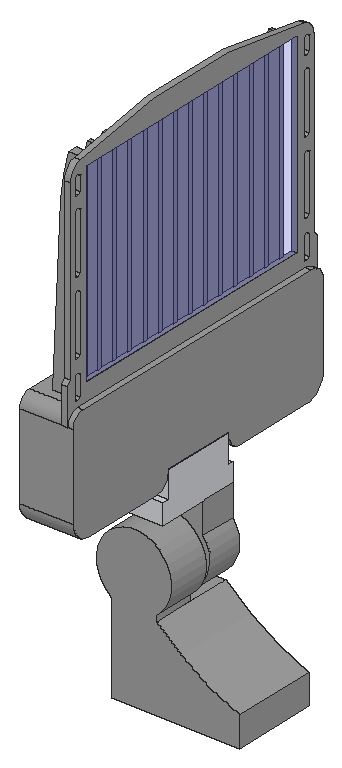
Revit family "Alcon-11430-M-Revit-Family", category Generic Models, host Face, Revit 2025
Family settings
  Host = Face
  Can host rebar = No
  Round Connector Dimension = Use Diameter
  Part Type = Normal
  Cut with Voids When Loaded = No
  Maintain Annotation Orientation = No
  Shared = No
  Room Calculation Point = No
Parameters
  URL = "https://www.alconlighting.com/"
  Product Page = "https://www.alconlighting.com/11403-m.html"
  Model = "11403-M"
  Manufacturer = "Alcon Lighting"
  Housing = Default
  Fixture Rotation = -90.00°
  Default Elevation = 4' - 0"
Reference planes (in)
  plane 1 "Center (Front/Back)": y = 0
  plane 2: z = 0
  plane 3 "Center (Left/Right)": x = 0
Forms (in)
  Extrusion 1, void
    sketch origin (0, 1.78036, 0) x (-1, 0, 0) y (0, 0, -1)
      loop
        line (0.91977, -3.51132) -> (-0.91977, -3.51132) -> (-0.91977, -3.76132)
        arc (-0.91977, -3.76132) -> (0, -6.63158) -> (0.91977, -3.76132) r 1.5825
        line (0.91977, -3.76132) -> (0.91977, -3.51132)
    from -0.01749 to 1.81641
  Extrusion 2, solid, material "Default" <- "Housing"
    sketch origin (0, 0.01855, 0) x (-1, 0, 0) y (0, 0, -1)
      loop
        line (-4.4084, 0) -> (-4.4084, -1.25)
        arc (-4.4084, -1.25) -> (-2.54195, -2.19223) -> (-0.91977, -3.51132) r 9.73386
        line (-0.91977, -3.51132) -> (-0.91977, -3.76132)
        arc (-0.91977, -3.76132) -> (0, -6.63158) -> (0.91977, -3.76132) r 1.5825
        line (0.91977, -3.76132) -> (0.91977, 0) -> (-4.4084, 0)
    from -1.7793 to 1.81641
Cuts and joins
  Extrusion 1 cuts Extrusion 2
Lines and regions (in)
  reference lines
    curve 1: line (9.5, 0, 5.04908) -> (-12.75, 0, 5.04908)
Dimensions and locks (in)
  "Fixture Rotation": angle nested 1 to curve 1
  aligned and locked: plane 2 to host face
  aligned and locked: level to host face
Automatic sketch dimensions
  host sketch curve to host sketch curve = 8' - 0"  (x2)
  level to curve 1 = 0' - 5.04908"
  curve 1 to plane 3 "Center (Left/Right)" = 1' - 0 3/4"
  plane 3 "Center (Left/Right)" to curve 1 = 0' - 9 1/2"
  Extrusion 1 sketch curve to plane 3 "Center (Left/Right)" = 0' - 0"
  plane 3 "Center (Left/Right)" to Extrusion 1 sketch curve = 0' - 0.91977"
  Extrusion 1 sketch curve to plane 3 "Center (Left/Right)" = 0' - 0.91977"
  level to Extrusion 1 sketch curve = 0' - 5.04908"
  Extrusion 1 sketch curve to Extrusion 1 sketch curve = 0' - 1.28776"
  Extrusion 1 sketch curve to Extrusion 1 sketch curve = 0' - 0 1/4"
  Extrusion 2 sketch curve to level = 0' - 0"
  Extrusion 2 sketch curve to plane 3 "Center (Left/Right)" = 0' - 0"
  plane 3 "Center (Left/Right)" to Extrusion 2 sketch curve = 0' - 0.91977"
  plane 3 "Center (Left/Right)" to Extrusion 2 sketch curve = 0' - 4.4084"
  plane 3 "Center (Left/Right)" to Extrusion 2 sketch curve = 0' - 7.83643"
  Extrusion 2 sketch curve to plane 3 "Center (Left/Right)" = 0' - 0.91977"
  Extrusion 2 sketch curve to Extrusion 2 sketch curve = 0' - 1 1/4"
  level to Extrusion 2 sketch curve = 0' - 3.51132"
  Extrusion 2 sketch curve to Extrusion 2 sketch curve = 0' - 0 1/4"
  Extrusion 2 sketch curve to Extrusion 2 sketch curve = 0' - 1.28776"
Nested families (in)
  nested 1: "Alcon-11430-M-Housing-Revit-Family" at (0, -0.00862, 5.04908) x (0, 0, -1) z (0, -1, 0), type "Alcon-11430-M-Housing-Revit-Family"
    with built-in parameter 1001306 0.28157 (stored number, unit not read)
Definition of nested family "Alcon-11430-M-Housing-Revit-Family"
  Parameters (values of type "Alcon-11430-M-Housing-Revit-Family")
    Lens = none
    built-in parameter 1001306 [instance] = 4' - 0"
    Housing = none
    Default Elevation = 0' - 0"
  Reference planes (in)
    plane 1 "Center (Front/Back)": y = 0
    plane 2: z = 0
    plane 3 "Left": x = 0
    plane 4 "Right": x = 48
  Forms (in)
    Extrusion 1, solid, material <- "Housing"
      sketch origin (0, 1.21523, 1.87728) x (0, 0, 1) y (1, 0, 0)
        loop
          arc (4.60888, -4.25193) -> (4.36966, -3.6744) -> (3.79213, -3.43518) r 0.81675
          line (3.79213, -3.43518) -> (0.30348, -3.43518)
          arc (0.30348, -3.43518) -> (-0.12206, -3.61144) -> (-0.29832, -4.03698) r 0.6018
          line (-0.29832, -4.03698) -> (-0.29832, -4.1739) -> (-3.48038, -4.1739) -> (-3.48038, -4.02126)
          arc (-3.48038, -4.02126) -> (-3.65204, -3.60684) -> (-4.06647, -3.43518) r 0.58609
          line (-4.06647, -3.43518) -> (-7.52581, -3.43518)
          arc (-7.52581, -3.43518) -> (-8.13767, -3.68862) -> (-8.39112, -4.30049) r 0.86531
          line (-8.39112, -4.30049) -> (-8.39112, -7.76607)
          arc (-8.39112, -7.76607) -> (-8.22944, -8.1564) -> (-7.83911, -8.31808) r 0.55201
          line (-7.83911, -8.31808) -> (4.0802, -8.31808)
          arc (4.0802, -8.31808) -> (4.45403, -8.16323) -> (4.60888, -7.7894) r 0.52868
          line (4.60888, -7.7894) -> (4.60888, -4.25193)
      from 0 to -2.23062
    Extrusion 2, solid, material <- "Housing"
      sketch origin (0, -0.25, 0) x (0, 0, 1) y (-1, 0, 0)
        loop
          line (-6.51384, 9.30168) -> (-6.51384, 7.76607)
          arc (-6.51384, 7.76607) -> (-6.35216, 8.1564) -> (-5.96183, 8.31808) r 0.55201
          line (-5.96183, 8.31808) -> (5.95748, 8.31808)
          arc (5.95748, 8.31808) -> (6.33132, 8.16323) -> (6.48616, 7.7894) r 0.52868
          line (6.48616, 7.7894) -> (6.48616, 9.2982) -> (6.3059, 9.47846) -> (6.3059, 16.85198)
          arc (6.3059, 16.85198) -> (6.16546, 17.25935) -> (5.80381, 17.49362) r 0.66104
          arc (5.80381, 17.49362) -> (-0.03659, 18.20369) -> (-5.87574, 17.48348) r 24.20128
          arc (-5.87574, 17.48348) -> (-6.20806, 17.26759) -> (-6.33706, 16.89289) r 0.60871
          line (-6.33706, 16.89289) -> (-6.33706, 9.47846) -> (-6.51384, 9.30168)
        loop
          arc (5.80835, 8.64573) -> (5.83559, 8.57997) -> (5.90136, 8.55272) r 0.09301
          line (5.90136, 8.55272) -> (6.01248, 8.55272)
          arc (6.01248, 8.55272) -> (6.07756, 8.57968) -> (6.10452, 8.64476) r 0.09204
          line (6.10452, 8.64476) -> (6.10452, 9.47215)
          arc (6.10452, 9.47215) -> (6.06752, 9.56148) -> (5.97819, 9.59848) r 0.12633
          line (5.97819, 9.59848) -> (5.90899, 9.59848)
          arc (5.90899, 9.59848) -> (5.83783, 9.569) -> (5.80835, 9.49784) r 0.10064
          line (5.80835, 9.49784) -> (5.80835, 8.64573)
        loop
          arc (5.80835, 10.22199) -> (5.83559, 10.15622) -> (5.90136, 10.12898) r 0.09301
          line (5.90136, 10.12898) -> (6.01248, 10.12898)
          arc (6.01248, 10.12898) -> (6.07756, 10.15594) -> (6.10452, 10.22102) r 0.09204
          line (6.10452, 10.22102) -> (6.10452, 12.54841)
          arc (6.10452, 12.54841) -> (6.06752, 12.63774) -> (5.97819, 12.67474) r 0.12633
          line (5.97819, 12.67474) -> (5.90899, 12.67474)
          arc (5.90899, 12.67474) -> (5.83783, 12.64526) -> (5.80835, 12.5741) r 0.10064
          line (5.80835, 12.5741) -> (5.80835, 10.22199)
        loop
          arc (5.80835, 13.26866) -> (5.83559, 13.2029) -> (5.90136, 13.17565) r 0.09301
          line (5.90136, 13.17565) -> (6.01248, 13.17565)
          arc (6.01248, 13.17565) -> (6.07756, 13.20261) -> (6.10452, 13.26769) r 0.09204
          line (6.10452, 13.26769) -> (6.10452, 15.63164)
          arc (6.10452, 15.63164) -> (6.06752, 15.72096) -> (5.97819, 15.75796) r 0.12633
          line (5.97819, 15.75796) -> (5.90899, 15.75796)
          arc (5.90899, 15.75796) -> (5.83783, 15.72849) -> (5.80835, 15.65733) r 0.10064
          line (5.80835, 15.65733) -> (5.80835, 13.26866)
        loop
          arc (5.80835, 16.31267) -> (5.83559, 16.2469) -> (5.90136, 16.21966) r 0.09301
          line (5.90136, 16.21966) -> (6.01248, 16.21966)
          arc (6.01248, 16.21966) -> (6.07756, 16.24661) -> (6.10452, 16.31169) r 0.09204
          line (6.10452, 16.31169) -> (6.10452, 16.88908)
          arc (6.10452, 16.88908) -> (6.06752, 16.97841) -> (5.97819, 17.01541) r 0.12633
          line (5.97819, 17.01541) -> (5.90899, 17.01541)
          arc (5.90899, 17.01541) -> (5.83783, 16.98594) -> (5.80835, 16.91477) r 0.10064
          line (5.80835, 16.91477) -> (5.80835, 16.31267)
        loop
          arc (-6.13201, 8.64573) -> (-6.10477, 8.57997) -> (-6.039, 8.55272) r 0.09301
          line (-6.039, 8.55272) -> (-5.92788, 8.55272)
          arc (-5.92788, 8.55272) -> (-5.8628, 8.57968) -> (-5.83584, 8.64476) r 0.09204
          line (-5.83584, 8.64476) -> (-5.83584, 9.47215)
          arc (-5.83584, 9.47215) -> (-5.87284, 9.56148) -> (-5.96217, 9.59848) r 0.12633
          line (-5.96217, 9.59848) -> (-6.03137, 9.59848)
          arc (-6.03137, 9.59848) -> (-6.10253, 9.569) -> (-6.13201, 9.49784) r 0.10064
          line (-6.13201, 9.49784) -> (-6.13201, 8.64573)
        loop
          arc (-6.13201, 10.22199) -> (-6.10477, 10.15622) -> (-6.039, 10.12898) r 0.09301
          line (-6.039, 10.12898) -> (-5.92788, 10.12898)
          arc (-5.92788, 10.12898) -> (-5.8628, 10.15594) -> (-5.83584, 10.22102) r 0.09204
          line (-5.83584, 10.22102) -> (-5.83584, 12.54841)
          arc (-5.83584, 12.54841) -> (-5.87284, 12.63774) -> (-5.96217, 12.67474) r 0.12633
          line (-5.96217, 12.67474) -> (-6.03137, 12.67474)
          arc (-6.03137, 12.67474) -> (-6.10253, 12.64526) -> (-6.13201, 12.5741) r 0.10064
          line (-6.13201, 12.5741) -> (-6.13201, 10.22199)
        loop
          arc (-6.13201, 13.26866) -> (-6.10477, 13.2029) -> (-6.039, 13.17565) r 0.09301
          line (-6.039, 13.17565) -> (-5.92788, 13.17565)
          arc (-5.92788, 13.17565) -> (-5.8628, 13.20261) -> (-5.83584, 13.26769) r 0.09204
          line (-5.83584, 13.26769) -> (-5.83584, 15.63164)
          arc (-5.83584, 15.63164) -> (-5.87284, 15.72096) -> (-5.96217, 15.75796) r 0.12633
          line (-5.96217, 15.75796) -> (-6.03137, 15.75796)
          arc (-6.03137, 15.75796) -> (-6.10253, 15.72849) -> (-6.13201, 15.65733) r 0.10064
          line (-6.13201, 15.65733) -> (-6.13201, 13.26866)
        loop
          arc (-6.13201, 16.31267) -> (-6.10477, 16.2469) -> (-6.039, 16.21966) r 0.09301
          line (-6.039, 16.21966) -> (-5.92788, 16.21966)
          arc (-5.92788, 16.21966) -> (-5.8628, 16.24661) -> (-5.83584, 16.31169) r 0.09204
          line (-5.83584, 16.31169) -> (-5.83584, 16.88908)
          arc (-5.83584, 16.88908) -> (-5.87284, 16.97841) -> (-5.96217, 17.01541) r 0.12633
          line (-5.96217, 17.01541) -> (-6.03137, 17.01541)
          arc (-6.03137, 17.01541) -> (-6.10253, 16.98594) -> (-6.13201, 16.91477) r 0.10064
          line (-6.13201, 16.91477) -> (-6.13201, 16.31267)
        loop
          line (-5.5509, 17.1665) -> (-5.5509, 9.03342) -> (5.54762, 9.03342) -> (5.54762, 17.1665) -> (-5.5509, 17.1665)
      from -1.21523 to -0.96523
    Extrusion 3, solid, material <- "Housing"
      sketch origin (0, 1.46523, -0.28589) x (-1, 0, 0) y (0, -1, 0)
        loop
          line (8.31808, 0.75) -> (17.43518, 0.75) -> (17.43518, 1.18563)
          arc (17.43518, 1.18563) -> (16.48839, 1.41676) -> (15.52135, 1.53779) r 8.48461
          line (15.52135, 1.53779) -> (8.31808, 1.86999) -> (8.31808, 0.75)
      from -5.26501 to 5.83352
    Extrusion 4, solid, material <- "Lens"
      sketch origin (0, 0.96523, 0) x (0, 0, -1) y (-1, 0, 0)
        loop
          line (-5.54762, 17.1665) -> (-5.54762, 9.03342) -> (5.5509, 9.03342) -> (5.5509, 17.1665) -> (-5.54762, 17.1665)
      from 0 to -0.03698
    Extrusion 5, solid
      sketch origin (-2.16318, -1.01539, -0.28589) x (1, 0, 0) y (0, 0, 1)
        loop
          line (0, 2.09337) -> (-0.83682, 2.09337) -> (-0.83682, 1.77838) -> (-1.95094, 1.77838) -> (-1.95094, -1.27158) -> (-0.7984, -1.27158) -> (-0.7984, -1.52158) -> (0, -1.52158) -> (0, 2.09337)
      from 0 to -2.23047
    Extrusion 6, solid, material <- "Housing"
      sketch origin (0, 1.21523, -0.28589) x (-1, 0, 0) y (0, -1, 0)
        loop
          arc (1.10408, 2.23062) -> (-1.49244, 1.36561) -> (0.87932, 0) r 1.5
          line (0.87932, 0) -> (2.16318, 0) -> (2.16318, 2.23062) -> (1.10408, 2.23062)
      from 0 to -1.52158
    Extrusion 7, void
      sketch origin (0, 0.71523, -0.28589) x (0, 0, -1) y (-1, 0, 0)
        loop
          line (-4.86475, 8.27234) -> (-4.86475, 17.68263)
          arc (-4.86475, 17.68263) -> (-5.14937, 17.62229) -> (-5.43324, 17.55854) r 24.20128
          line (-5.43324, 17.55854) -> (-5.43324, 8.27234) -> (-4.86475, 8.27234)
        loop
          line (-4.08155, 8.27234) -> (-4.08155, 17.83594)
          arc (-4.08155, 17.83594) -> (-4.39646, 17.7798) -> (-4.71061, 17.7195) r 24.20128
          line (-4.71061, 17.7195) -> (-4.71061, 8.27234) -> (-4.08155, 8.27234)
        loop
          line (-3.28541, 8.27234) -> (-3.28541, 17.95532)
          arc (-3.28541, 17.95532) -> (-3.60405, 17.90933) -> (-3.92205, 17.8591) r 24.20128
          line (-3.92205, 17.8591) -> (-3.92205, 8.27234) -> (-3.28541, 8.27234)
        loop
          line (-2.49574, 8.27234) -> (-2.49574, 18.05509)
          arc (-2.49574, 18.05509) -> (-2.81431, 18.01996) -> (-3.13238, 17.98062) r 24.20128
          line (-3.13238, 17.98062) -> (-3.13238, 8.27234) -> (-2.49574, 8.27234)
        loop
          line (-1.70607, 8.27234) -> (-1.70607, 18.11764)
          arc (-1.70607, 18.11764) -> (-2.02457, 18.09275) -> (-2.34271, 18.06365) r 24.20125
          line (-2.34271, 18.06365) -> (-2.34271, 8.27234) -> (-1.70607, 8.27234)
        loop
          line (-0.91641, 8.27234) -> (-0.91641, 18.15925)
          arc (-0.91641, 18.15925) -> (-1.23483, 18.14509) -> (-1.55304, 18.12674) r 24.20124
          line (-1.55304, 18.12674) -> (-1.55304, 8.27234) -> (-0.91641, 8.27234)
        loop
          line (-0.12674, 8.27234) -> (-0.12674, 18.17236)
          arc (-0.12674, 18.17236) -> (-0.44509, 18.16848) -> (-0.76337, 18.16041) r 24.20116
          line (-0.76337, 18.16041) -> (-0.76337, 8.27234) -> (-0.12674, 8.27234)
        loop
          line (0.66293, 8.27234) -> (0.66293, 18.17183)
          arc (0.66293, 18.17183) -> (0.34465, 18.17831) -> (0.0263, 18.1806) r 24.20131
          line (0.0263, 18.1806) -> (0.0263, 8.27234) -> (0.66293, 8.27234)
        loop
          line (1.4526, 8.27234) -> (1.4526, 18.13277)
          arc (1.4526, 18.13277) -> (1.13438, 18.14982) -> (0.81597, 18.16268) r 24.20132
          line (0.81597, 18.16268) -> (0.81597, 8.27234) -> (1.4526, 8.27234)
        loop
          line (2.24227, 8.27234) -> (2.24227, 18.07304)
          arc (2.24227, 18.07304) -> (1.92412, 18.10043) -> (1.60564, 18.12362) r 24.2013
          line (1.60564, 18.12362) -> (1.60564, 8.27234) -> (2.24227, 8.27234)
        loop
          line (3.03194, 8.27234) -> (3.03194, 17.98828)
          arc (3.03194, 17.98828) -> (2.71386, 18.02628) -> (2.39531, 18.06006) r 24.20129
          line (2.39531, 18.06006) -> (2.39531, 8.27234) -> (3.03194, 8.27234)
        loop
          line (3.82161, 8.27234) -> (3.82161, 17.86866)
          arc (3.82161, 17.86866) -> (3.5036, 17.91728) -> (3.18498, 17.96166) r 24.20129
          line (3.18498, 17.96166) -> (3.18498, 8.27234) -> (3.82161, 8.27234)
        loop
          line (4.61128, 8.27234) -> (4.61128, 17.73483)
          arc (4.61128, 17.73483) -> (4.29335, 17.79424) -> (3.97465, 17.84941) r 24.20128
          line (3.97465, 17.84941) -> (3.97465, 8.27234) -> (4.61128, 8.27234)
        loop
          line (5.40095, 8.27234) -> (5.40095, 17.56337)
          arc (5.40095, 17.56337) -> (5.08309, 17.6339) -> (4.76432, 17.70014) r 24.20128
          line (4.76432, 17.70014) -> (4.76432, 8.27234) -> (5.40095, 8.27234)
      from 0 to -1.3553
  Cuts and joins
    Extrusion 7 cuts Extrusion 3
  Lines and regions (in)
    reference lines
      curve 1: line (0, 0, 0) -> (48, 0, 0)
    model lines
      curve 2: line (0, 0, 0) -> (-32.5, 0, 0)
  Dimensions and locks (in)
    "built-in parameter 1001306": plane 3 "Left" to plane 4 "Right"
    aligned and locked: plane 4 "Right" to curve 1
    aligned and locked: plane 1 "Center (Front/Back)" to curve 1
    aligned and locked: plane 3 "Left" to curve 1
    aligned and locked: level to plane 2
  Automatic sketch dimensions
    curve 2 to level = 0' - 0"
    curve 2 to plane 3 "Left" = 0' - 0"
    curve 2 to curve 2 = 2' - 8 1/2"
    Extrusion 1 sketch curve to level = 0' - 6.51384"
    Extrusion 1 sketch curve to Extrusion 1 sketch curve = 0' - 0.55201"
    Extrusion 1 sketch curve to Extrusion 1 sketch curve = 0' - 0.86531"
    Extrusion 1 sketch curve to level = 0' - 2.18919"
    Extrusion 1 sketch curve to Extrusion 1 sketch curve = 0' - 0.58609"
    level to Extrusion 1 sketch curve = 0' - 1.57896"
    Extrusion 1 sketch curve to Extrusion 1 sketch curve = 0' - 0.6018"
    Extrusion 1 sketch curve to Extrusion 1 sketch curve = 0' - 3.48865"
    Extrusion 1 sketch curve to Extrusion 1 sketch curve = 0' - 0.28807"
    Extrusion 1 sketch curve to Extrusion 1 sketch curve = 0' - 0.52868"
    Extrusion 1 sketch curve to plane 3 "Left" = 0' - 8.31808"
    Extrusion 1 sketch curve to Extrusion 1 sketch curve = 0' - 3.46558"
    Extrusion 1 sketch curve to Extrusion 1 sketch curve = 0' - 3.53747"
    Extrusion 1 sketch curve to Extrusion 1 sketch curve = 0' - 0.13692"
    Extrusion 2 sketch curve to level = 0' - 6.51384"
    Extrusion 2 sketch curve to Extrusion 2 sketch curve = 0' - 0.17678"
    Extrusion 2 sketch curve to Extrusion 2 sketch curve = 0' - 0.20505"  (x2)
    Extrusion 2 sketch curve to Extrusion 2 sketch curve = 0' - 0"  (x6)
    Extrusion 2 sketch curve to Extrusion 2 sketch curve = 0' - 0.09301"  (x8)
    Extrusion 2 sketch curve to Extrusion 2 sketch curve = 0' - 0.10064"  (x8)
    Extrusion 2 sketch curve to Extrusion 2 sketch curve = 0' - 0.0692"  (x8)
    Extrusion 2 sketch curve to Extrusion 2 sketch curve = 0' - 0.07717"
    Extrusion 2 sketch curve to Extrusion 2 sketch curve = 0' - 0.11112"  (x8)
    Extrusion 2 sketch curve to Extrusion 2 sketch curve = 0' - 0.09204"  (x6)
    Extrusion 2 sketch curve to Extrusion 2 sketch curve = 0' - 0.12633"  (x2)
    Extrusion 2 sketch curve to Extrusion 2 sketch curve = 0' - 0.1075"
    Extrusion 2 sketch curve to Extrusion 2 sketch curve = 0' - 0.28494"
    Extrusion 2 sketch curve to level = 0' - 0.01558"
    level to Extrusion 2 sketch curve = 0' - 5.54762"
    Extrusion 2 sketch curve to Extrusion 2 sketch curve = 0' - 0.09724"
    Extrusion 2 sketch curve to Extrusion 2 sketch curve = 0' - 0.16349"
    Extrusion 2 sketch curve to Extrusion 2 sketch curve = 0' - 0.26073"  (x2)
    Extrusion 2 sketch curve to Extrusion 2 sketch curve = 0' - 0.05612"
    Extrusion 2 sketch curve to Extrusion 2 sketch curve = 0' - 0.20138"
    Extrusion 2 sketch curve to Extrusion 2 sketch curve = 0' - 0.18026"
    plane 3 "Left" to Extrusion 2 sketch curve = 0' - 5.99758"
    Extrusion 2 sketch curve to plane 3 "Left" = 0' - 7.76607"
    Extrusion 2 sketch curve to plane 3 "Left" = 0' - 7.7894"
    Extrusion 2 sketch curve to Extrusion 2 sketch curve = 0' - 0.52868"
    Extrusion 2 sketch curve to Extrusion 2 sketch curve = 0' - 0.23464"  (x2)
    Extrusion 2 sketch curve to Extrusion 2 sketch curve = 0' - 0.38866"
    Extrusion 2 sketch curve to Extrusion 2 sketch curve = 0' - 0.65344"
    Extrusion 2 sketch curve to Extrusion 2 sketch curve = 0' - 0.65595"
    Extrusion 2 sketch curve to Extrusion 2 sketch curve = 0' - 0.17047"
    Extrusion 2 sketch curve to Extrusion 2 sketch curve = 0' - 0.17395"
    Extrusion 2 sketch curve to Extrusion 2 sketch curve = 0' - 0.00631"
    Extrusion 2 sketch curve to Extrusion 2 sketch curve = 0' - 0.01938"
    Extrusion 2 sketch curve to Extrusion 2 sketch curve = 0' - 0.5305"  (x2)
    Extrusion 2 sketch curve to Extrusion 2 sketch curve = 0' - 2.32739"  (x2)
    Extrusion 2 sketch curve to Extrusion 2 sketch curve = 0' - 0.50092"  (x2)
    Extrusion 2 sketch curve to Extrusion 2 sketch curve = 0' - 2.36395"  (x2)
    Extrusion 2 sketch curve to Extrusion 2 sketch curve = 0' - 0.46169"  (x2)
    Extrusion 2 sketch curve to Extrusion 2 sketch curve = 0' - 0.54029"
    Extrusion 2 sketch curve to Extrusion 2 sketch curve = 0' - 0.57739"
    Extrusion 2 sketch curve to Extrusion 2 sketch curve = 0' - 0.03711"
    Extrusion 2 sketch curve to Extrusion 2 sketch curve = 0' - 0.0038"
    Extrusion 2 sketch curve to Extrusion 2 sketch curve = 0' - 0.31452"
    plane 1 "Center (Front/Back)" to Extrusion 3 sketch curve = 0' - 0.40475"
    Extrusion 3 sketch curve to plane 3 "Left" = 0' - 8.31808"
    Extrusion 3 sketch curve to Extrusion 3 sketch curve = 0' - 6.63485"
    plane 1 "Center (Front/Back)" to Extrusion 3 sketch curve = 0' - 0.07256"
    Extrusion 3 sketch curve to Extrusion 3 sketch curve = 0' - 7.20327"
    Extrusion 3 sketch curve to plane 1 "Center (Front/Back)" = 0' - 0.71523"
    Extrusion 3 sketch curve to Extrusion 3 sketch curve = 0' - 1.91383"
    Extrusion 3 sketch curve to Extrusion 3 sketch curve = 0' - 7.67776"
    Extrusion 2 to Extrusion 4 sketch curve = 0' - 0"
    Extrusion 4 sketch curve to Extrusion 2 = 0' - 0"  (x3)
    Extrusion 5 sketch curve to Extrusion 6 = 0' - 0"  (x2)
    Extrusion 6 to Extrusion 5 sketch curve = 0' - 0 1/4"
    Extrusion 5 sketch curve to Extrusion 6 = 0' - 0.7984"
    Extrusion 5 sketch curve to Extrusion 5 sketch curve = 0' - 0.83682"
    Extrusion 5 sketch curve to Extrusion 5 sketch curve = 0' - 1.15254"
    Extrusion 5 sketch curve to Extrusion 6 = 0' - 1.77838"
    Extrusion 5 sketch curve to Extrusion 5 sketch curve = 0' - 0.31498"
    plane 1 "Center (Front/Back)" to Extrusion 6 sketch curve = 0' - 0"
    Extrusion 6 sketch curve to plane 3 "Left" = 0' - 0"
    Extrusion 6 sketch curve to plane 3 "Left" = 0' - 0.87932"
    Extrusion 6 sketch curve to plane 3 "Left" = 0' - 1.10408"
    Extrusion 6 sketch curve to Extrusion 6 sketch curve = 0' - 1.0591"
    Extrusion 6 sketch curve to plane 1 "Center (Front/Back)" = 0' - 1.21523"
    Extrusion 7 sketch curve to Extrusion 2 = 0' - 0.04574"  (x14)
    Extrusion 7 sketch curve to Extrusion 2 = 0' - 0.40028"
    Extrusion 7 sketch curve to Extrusion 7 sketch curve = 0' - 0.56849"
    Extrusion 7 sketch curve to Extrusion 7 sketch curve = 0' - 0.15415"
    Extrusion 7 sketch curve to Extrusion 7 sketch curve = 0' - 0.62906"
    Extrusion 7 sketch curve to Extrusion 7 sketch curve = 0' - 0.1595"
    Extrusion 7 sketch curve to Extrusion 7 sketch curve = 0' - 0.63663"  (x11)
    Extrusion 7 sketch curve to Extrusion 7 sketch curve = 0' - 0.15304"  (x11)
    Extrusion 7 sketch curve to Extrusion 2 = 0' - 5.26748"
    Extrusion 7 sketch curve to Extrusion 7 sketch curve = 0' - 0.00101"
    Extrusion 7 sketch curve to Extrusion 7 sketch curve = 0' - 0.00072"
    Extrusion 7 sketch curve to Extrusion 7 sketch curve = 0' - 0.00032"
    Extrusion 7 sketch curve to Extrusion 7 sketch curve = 0' - 0.00327"
    Extrusion 7 sketch curve to Extrusion 7 sketch curve = 0' - 0.00593"
    Extrusion 7 sketch curve to Extrusion 7 sketch curve = 0' - 0.00398"
    Extrusion 7 sketch curve to Extrusion 7 sketch curve = 0' - 0.00096"
    Extrusion 7 sketch curve to Extrusion 7 sketch curve = 0' - 0.00179"
    Extrusion 7 sketch curve to Extrusion 7 sketch curve = 0' - 0.00368"
    Extrusion 7 sketch curve to Extrusion 7 sketch curve = 0' - 0.00312"
    Extrusion 7 sketch curve to Extrusion 7 sketch curve = 0' - 0.00045"
    Extrusion 7 sketch curve to Extrusion 7 sketch curve = 0' - 0.00156"
    Extrusion 7 sketch curve to Extrusion 7 sketch curve = 0' - 0.00733"
    Extrusion 2 to Extrusion 7 sketch curve = 0' - 0.13594"
    Extrusion 7 sketch curve to Extrusion 7 sketch curve = 1' - 2.2896"
    Extrusion 7 sketch curve to Extrusion 7 sketch curve = 0' - 0.00015"
    Extrusion 7 sketch curve to Extrusion 7 sketch curve = 0' - 0.00286"
    Extrusion 7 sketch curve to Extrusion 7 sketch curve = 0' - 0.00058"
    Extrusion 7 sketch curve to Extrusion 7 sketch curve = 0' - 0.00183"
    Extrusion 7 sketch curve to Extrusion 7 sketch curve = 0' - 0.00153"
    Extrusion 7 sketch curve to Extrusion 7 sketch curve = 0' - 0.00523"
    Extrusion 7 sketch curve to Extrusion 7 sketch curve = 0' - 0.00169"
    Extrusion 7 sketch curve to Extrusion 7 sketch curve = 0' - 0.00201"
    Extrusion 7 sketch curve to Extrusion 7 sketch curve = 0' - 0.00017"
    Extrusion 7 sketch curve to Extrusion 7 sketch curve = 0' - 0.00051"
    Extrusion 7 sketch curve to Extrusion 7 sketch curve = 0' - 0.0028"
    Extrusion 7 sketch curve to Extrusion 7 sketch curve = 0' - 0.00357"
    Extrusion 7 sketch curve to Extrusion 7 sketch curve = 0' - 0.00145"
    Extrusion 2 to Extrusion 7 sketch curve = 0' - 0.39203"
    Extrusion 2 to Extrusion 7 sketch curve = 0' - 0.39686"
    Extrusion 7 sketch curve to Extrusion 7 sketch curve = 0' - 0.03687"
    Extrusion 7 sketch curve to Extrusion 7 sketch curve = 0' - 0.03468"
    Extrusion 7 sketch curve to Extrusion 7 sketch curve = 0' - 0.02316"
    Extrusion 7 sketch curve to Extrusion 7 sketch curve = 0' - 0.01926"
    Extrusion 7 sketch curve to Extrusion 7 sketch curve = 0' - 0.02529"
    Extrusion 7 sketch curve to Extrusion 7 sketch curve = 0' - 0.02662"
    Extrusion 7 sketch curve to Extrusion 7 sketch curve = 0' - 0.00856"
    Extrusion 7 sketch curve to Extrusion 7 sketch curve = 0' - 0.01298"
    Extrusion 7 sketch curve to Extrusion 7 sketch curve = 0' - 0.0091"
    Extrusion 7 sketch curve to Extrusion 7 sketch curve = 0' - 0.00915"  (x2)
    Extrusion 7 sketch curve to Extrusion 7 sketch curve = 0' - 0.00116"
